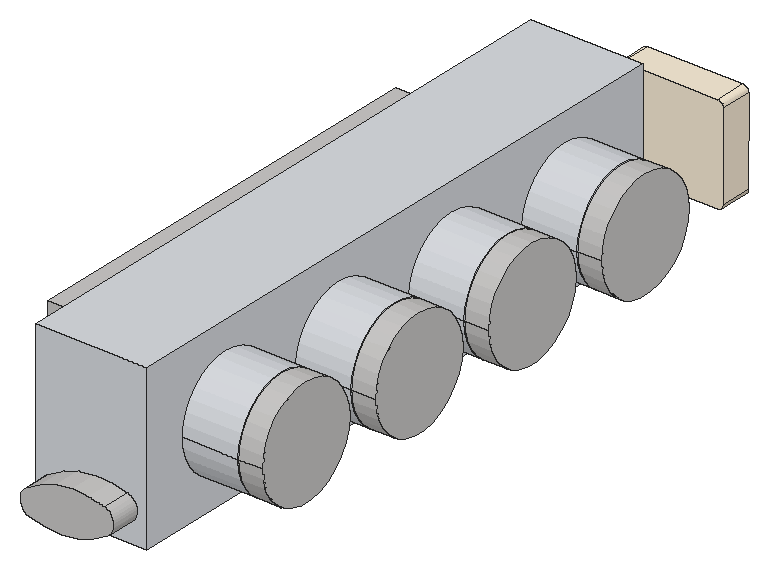
Revit family "HVAC_Ductwork_Airzone_Motorized-Plenum_Haier_Standard_4-Dampers", category Mechanical Equipment, Revit 2016
Family settings
  Part Type = Normal
  Round Connector Dimension = Use Diameter
  OmniClass Number = 23.75.70.14
  OmniClass Title = Air Ductwork
  Work Plane-Based = No
  Always vertical = Yes
  Cut with Voids When Loaded = No
  Shared = No
  Room Calculation Point = No
Parameters (values of type "HAIST01S4")
  Voltage = 230 V
  URL = "www.airzone.es"
  Type Image Comments = "Image available in product documentation download"  # constant formula
  Revit Model Version = "1.0"  # constant formula
  Revit Model Author URL = "www.a3d.es"
  Revit Model Author = "A3D Consulting"  # constant formula
  Product Documentation Download URL = "http://doc.airzone.es/BIM/Easyzone/Haier-Airzone_motorized_plenum.zip"
  Product Comments = "Refer to technical documentation for further details"  # constant formula
  Power Factor = 1
  Neck Width = 800.600 mm
  Neck Length = 95.000 mm
  Neck Height = 151.600 mm
  Material = Metal - AIRZONE - Galvanized Sheet - Semi-polished
  Main Control Board Material = Plastic - AIRZONE - Smooth - Off-white
  Load Classification = Other
  Insulated Body Width = 205.000 mm  # constant formula
  Insulated Body Material = Metal -AIRZONE - Insulating Lining -Aluminum Finish
  Insulated Body Length = 1140.000 mm  # constant formula
  Insulated Body Height = 300.000 mm  # constant formula
  Flow [instance] = Damper 4 Air Flow + Damper 3 Air Flow + Damper 2 Air Flow + Damper 1 Air Flow - Fresh Air Inlet 2 Flow - Fresh Air Inlet 1 Flow  # 1200 m³/h
  Fresh Air Inlet 1 Flow [instance] = 0 m³/h
  Fresh Air Inlet 2 Flow [instance] = 0 m³/h
  Fresh Air Inlet Connection Width = 175.000 mm
  Fresh Air Inlet Connection Height = 75.000 mm
  Model = "HAIST01S4"
  Neck Side Offset = 192.700 mm
  Neck Bottom Offset = 88.200 mm
  Type Image = <None>
  Manufacturer = "AIRZONE"  # constant formula
  Main Control Board Depth = 57.000 mm  # constant formula
  Main Control Board Width = 195.000 mm  # constant formula
  Main Control Board Height = 180.000 mm  # constant formula
  Fixing = ""
  Disclaimer = "All information provided in this model is reviewed before being published. However, Airzone cannot guarantee this model is error-free, therefore users are strongly encouraged to check for technical documentation and updates"  # constant formula
  Description = "Airzone standard motorized plenum with neck that mechanically adapts to the main ducted AC units of Haier."
  Type Comments = ""
  Dampers Length = 149.000 mm  # constant formula
  Dampers Diameter = 200.000 mm  # constant formula
  Damper 4 Air Flow [instance] = 300 m³/h
  Damper 1 Air Flow [instance] = 300 m³/h
  Damper 2 Air Flow [instance] = 300 m³/h
  Damper 3 Air Flow [instance] = 300 m³/h
  Fresh Air Inlet Connection Offset Height = 48.305 mm  # constant formula
  Compatible Accesories = ""
  Apparent Load = 57.5 VA
Types (2, lengths in mm): name | Neck Width | Neck Height | Model | Neck Side Offset | Neck Bottom Offset
  HAIST01M4 | 803.600 | 148.600 | "HAIST01M4" | 190.000 | 100.200
  HAIST01S4 | 800.600 | 151.600 | "HAIST01S4" | 192.700 | 88.200
Reference planes
  plane 1 "Center (Front/Back)": y = 0
  plane 2 "Center (Elevation)": z = 0
  plane 3 "Center (Left/Right)": x = 0
  plane 4 "Neck Back": y = 400.3
  plane 5 "Neck Front": y = -400.3
  plane 6 "Neck Top": z = 75.8
  plane 7 "Neck Bottom": z = -75.8
  plane 8 "Left": x = 95
  plane 9 "Bottom": z = -164
  plane 10 "Top": z = 136
  plane 11 "Front": y = -547
  plane 12 "Back": y = 593
  plane 13 "Right": x = 300
  plane 14 "Dampers Front": x = 449
  plane 15 "Dampers Center (Elevation)": z = -14
  plane 16 "Damper3": y = -107
  plane 17 "Damper2": y = 153
  plane 18 "Damper1": y = 413
  plane 19 "Middle": y = 23
  plane 20 "FreshAir Center (Elevation)": z = -115.695
  plane 21 "FreshAir1": y = 645.5
  plane 22 "FreshAir2": y = -599.5
  plane 23 "Dampers Lining": x = 404
  plane 24 "FreshAir Vertical Axis": x = 195.83
  plane 25 "ConnectionBox Side": x = 254
  plane 26 "Main Control Board Center (Left/Right)": x = 351.5
  plane 27 "Damper4": y = -367
Forms (mm)
  Extrusion 1, solid, material "Metal - AIRZONE - Galvanized Sheet - Semi-polished" <- "Material"
    sketch origin (0, 0, 0) x (0, 1, 0) y (0, 0, 1)
      loop
        line (-400.3, 75.8) -> (-400.3, -75.8) -> (400.3, -75.8) -> (400.3, 75.8) -> (-400.3, 75.8)
    from 0 to 95
  Extrusion 2, solid, material "Metal -AIRZONE - Insulating Lining -Aluminum Finish" <- "Insulated Body Material"
    sketch origin (95, 0, 0) x (0, 1, 0) y (0, 0, 1)
      loop
        line (-547, 136) -> (-547, -164) -> (593, -164) -> (593, 136) -> (-547, 136)
    from 0 to 205
  Extrusion 3, solid, material "Metal - AIRZONE - Galvanized Sheet - Semi-polished" <- "Material"
    sketch origin (300, 0, 0) x (0, 1, 0) y (0, 0, 1)
      loop
        circle (-107, -14) r 100
    from 104 to 149
  Extrusion 4, solid, material "Metal - AIRZONE - Galvanized Sheet - Semi-polished" <- "Material"
    sketch origin (300, 0, 0) x (0, 1, 0) y (0, 0, 1)
      loop
        circle (153, -14) r 100
    from 104 to 149
  Extrusion 5, solid, material "Metal - AIRZONE - Galvanized Sheet - Semi-polished" <- "Material"
    sketch origin (300, 0, 0) x (0, 1, 0) y (0, 0, 1)
      loop
        circle (413, -14) r 100
    from 104 to 149
  Extrusion 6, solid, material "Metal - AIRZONE - Galvanized Sheet - Semi-polished" <- "Material"
    sketch origin (0, -547, 0) x (0, 0, 1) y (1, 0, 0)
      loop
        arc (-83.141, 265.204) -> (-104.608, 282.105) -> (-129.312, 270.434) r 25.96
        arc (-129.312, 270.434) -> (-155.302, 200.598) -> (-147.849, 126.456) r 164.67
        arc (-147.849, 126.456) -> (-126.665, 109.589) -> (-101.994, 120.751) r 25.96
        arc (-101.994, 120.751) -> (-75.725, 190.78) -> (-83.141, 265.204) r 164.67
    from 0 to -52.5
  Extrusion 7, solid, material "Metal - AIRZONE - Galvanized Sheet - Semi-polished" <- "Material"
    sketch origin (0, 593, 0) x (0, 0, 1) y (1, 0, 0)
      loop
        arc (-83.141, 265.204) -> (-104.325, 282.071) -> (-128.996, 270.909) r 25.96
        arc (-128.996, 270.909) -> (-155.179, 201.53) -> (-148.267, 127.699) r 164.67
        arc (-148.267, 127.699) -> (-127.032, 109.637) -> (-101.678, 121.226) r 25.96
        arc (-101.678, 121.226) -> (-75.688, 191.062) -> (-83.141, 265.204) r 164.67
    from 0 to 52.5
  Extrusion 8, solid, material "Metal -AIRZONE - Insulating Lining -Aluminum Finish" <- "Insulated Body Material"
    sketch origin (300, 0, 0) x (0, 1, 0) y (0, 0, 1)
      loop
        circle (413, -14) r 100
    from 0 to 104
  Extrusion 9, solid, material "Metal -AIRZONE - Insulating Lining -Aluminum Finish" <- "Insulated Body Material"
    sketch origin (300, -260, 0) x (0, 1, 0) y (0, 0, 1)
      loop
        circle (413, -14) r 100
    from 0 to 104
  Extrusion 10, solid, material "Metal -AIRZONE - Insulating Lining -Aluminum Finish" <- "Insulated Body Material"
    sketch origin (300, -520, 0) x (0, 1, 0) y (0, 0, 1)
      loop
        circle (413, -14) r 100
    from 0 to 104
  Extrusion 11, solid, material "Metal - AIRZONE - Galvanized Sheet - Semi-polished" <- "Material"
    sketch origin (300, -190, 0) x (0, 1, 0) y (0, 0, 1)
      loop
        circle (-177, -14) r 100
    from 104 to 149
  Extrusion 12, solid, material "Metal -AIRZONE - Insulating Lining -Aluminum Finish" <- "Insulated Body Material"
    sketch origin (300, -710, 0) x (0, 1, 0) y (0, 0, 1)
      loop
        circle (343, -14) r 100
    from 0 to 104
Lines and regions (mm)
  Masking region 1
    outline origin (0, 0, 0) x (1, 0, 0) y (0, 1, 0)
      loop
        line (95, 593) -> (95, -547) -> (300, -547) -> (300, 593) -> (95, 593)
  Masking region 2, detail levels medium+fine
    outline origin (0, 0, 0) x (1, 0, 0) y (0, 1, 0)
      loop
        line (0, 400.3) -> (0, -400.3) -> (95, -400.3) -> (95, 400.3) -> (0, 400.3)
  Masking region 3, detail levels medium+fine
    outline origin (0, 0, 0) x (1, 0, 0) y (0, 1, 0)
      loop
        line (300, -7) -> (300, -207) -> (449, -207) -> (449, -7) -> (300, -7)
  Masking region 4, detail levels medium+fine
    outline origin (0, 260, 0) x (1, 0, 0) y (0, 1, 0)
      loop
        line (300, -7) -> (300, -207) -> (449, -207) -> (449, -7) -> (300, -7)
  Masking region 5, detail levels medium+fine
    outline origin (0, 520, 0) x (1, 0, 0) y (0, 1, 0)
      loop
        line (300, -7) -> (300, -207) -> (449, -207) -> (449, -7) -> (300, -7)
  Masking region 6, detail levels medium+fine
    outline origin (0, 0, -115.695) x (1, 0, 0) y (0, 1, 0)
      loop
        line (108.33, 645.5) -> (108.33, 593) -> (283.33, 593) -> (283.33, 645.5) -> (108.33, 645.5)
  Masking region 7, detail levels medium+fine
    outline origin (0, 0, -115.695) x (1, 0, 0) y (0, 1, 0)
      loop
        line (108.33, -547) -> (108.33, -599.5) -> (283.33, -599.5) -> (283.33, -547) -> (108.33, -547)
  Masking region 8, detail levels medium+fine
    outline origin (0, 0, 136) x (0, -1, 0) y (1, 0, 0)
      loop
        line (-650, 254) -> (-593, 254) -> (-593, 449) -> (-650, 449) -> (-650, 254)
  Masking region 9, detail levels medium+fine
    outline origin (0, -190, 0) x (1, 0, 0) y (0, 1, 0)
      loop
        line (300, -77) -> (300, -277) -> (449, -277) -> (449, -77) -> (300, -77)
  symbolic lines, detail levels coarse
    curve 1: line (95, -547, 0) -> (300, 23, 0)
    curve 2: line (300, 23, 0) -> (95, 593, 0)
Dimensions and locks
  equal spacing: plane 4 "Neck Back", plane 1 "Center (Front/Back)", plane 5 "Neck Front"
  "Neck Width": plane 4 "Neck Back" to plane 5 "Neck Front"
  equal spacing: plane 6 "Neck Top", level, plane 7 "Neck Bottom"
  "Neck Height": plane 6 "Neck Top" to plane 7 "Neck Bottom"
  "Neck Length": plane 3 "Center (Left/Right)" to plane 8 "Left"
  "Neck Bottom Offset": plane 7 "Neck Bottom" to plane 9 "Bottom"
  "Insulated Body Height": plane 10 "Top" to plane 9 "Bottom"
  "Insulated Body Length": plane 12 "Back" to plane 11 "Front"
  "Insulated Body Width": plane 8 "Left" to plane 13 "Right"
  "Dampers Length": plane 13 "Right" to plane 14 "Dampers Front"
  equal spacing: plane 10 "Top", plane 15 "Dampers Center (Elevation)", plane 9 "Bottom"
  equal spacing: plane 12 "Back", plane 19 "Middle", plane 11 "Front"
  plane 8 "Left" to plane 13 "Right" = 205.000 mm
  "Fresh Air Inlet Connection Offset Height": plane 20 "FreshAir Center (Elevation)" to plane 9 "Bottom"
  locked: Extrusion 6 sketch curve to plane 9 "Bottom" at 56.47
  locked: plane 13 "Right" to Extrusion 6 sketch curve at 43.69
  locked: plane 13 "Right" to Extrusion 6 sketch curve at 164.65
  locked: Extrusion 6 sketch curve to plane 9 "Bottom" at 40.54
  locked: plane 13 "Right" to Extrusion 6 sketch curve at 87.91
  locked: plane 9 "Bottom" to Extrusion 6 sketch curve at 75.01
  locked: plane 13 "Right" to Extrusion 6 sketch curve at 120.43
  locked: Extrusion 6 sketch curve to plane 9 "Bottom" at 172.02
  locked: plane 13 "Right" to Extrusion 7 sketch curve at 43.69
  locked: Extrusion 7 sketch curve to plane 9 "Bottom" at 56.47
  locked: Extrusion 7 sketch curve to plane 9 "Bottom" at 40.54
  locked: plane 13 "Right" to Extrusion 7 sketch curve at 164.65
  locked: plane 13 "Right" to Extrusion 7 sketch curve at 120.43
  locked: Extrusion 7 sketch curve to plane 9 "Bottom" at 172.02
  locked: plane 9 "Bottom" to Extrusion 7 sketch curve at 75.01
  locked: plane 13 "Right" to Extrusion 7 sketch curve at 87.91
  "Neck Side Offset": plane 12 "Back" to plane 4 "Neck Back"
  locked: plane 21 "FreshAir1" to plane 12 "Back" at 52.5
  plane 11 "Front" to plane 22 "FreshAir2" = 52.500 mm
  locked: connector elem to plane 13 "Right" at 104.17
  locked: plane 20 "FreshAir Center (Elevation)" to connector elem
  locked: plane 13 "Right" to connector elem at 104.17
  locked: connector elem to plane 20 "FreshAir Center (Elevation)"
  locked: plane 23 "Dampers Lining" to plane 14 "Dampers Front" at 45
  locked: plane 24 "FreshAir Vertical Axis" to plane 13 "Right" at 104.17
  equal spacing: Masking region 3 sketch curve, plane 16 "Damper3", Masking region 3 sketch curve
  "Dampers Diameter": Masking region 3 sketch curve to Masking region 3 sketch curve
  "Dampers Diameter": Masking region 4 sketch curve to Masking region 4 sketch curve
  equal spacing: Masking region 5 sketch curve, plane 18 "Damper1", Masking region 5 sketch curve
  "Dampers Diameter": Masking region 5 sketch curve to Masking region 5 sketch curve
  equal spacing: Masking region 6 sketch curve, plane 24 "FreshAir Vertical Axis", Masking region 6 sketch curve
  "Fresh Air Inlet Connection Width": Masking region 6 sketch curve to Masking region 6 sketch curve
  equal spacing: Masking region 7 sketch curve, plane 24 "FreshAir Vertical Axis", Masking region 7 sketch curve
  "Fresh Air Inlet Connection Width": Masking region 7 sketch curve to Masking region 7 sketch curve
  "Main Control Board Depth": Masking region 8 sketch curve to plane 12 "Back"
  "Main Control Board Width": plane 25 "ConnectionBox Side" to plane 14 "Dampers Front"
  equal spacing: plane 25 "ConnectionBox Side", plane 26 "Main Control Board Center (Left/Right)", plane 14 "Dampers Front"
  locked: nested 1 to plane 10 "Top" at 10
  equal spacing: Masking region 4 sketch curve, plane 17 "Damper2", Masking region 4 sketch curve
  equal spacing: Masking region 9 sketch curve, plane 27 "Damper4", Masking region 9 sketch curve
  "Dampers Diameter": Masking region 9 sketch curve to Masking region 9 sketch curve
  plane 18 "Damper1" to plane 17 "Damper2" to plane 16 "Damper3" to plane 27 "Damper4" = 260.000 mm locked, 260.000 mm locked, 260.000 mm locked
  locked: plane 17 "Damper2" to plane 19 "Middle" at 130
  "Dampers Diameter": diameter of Extrusion 3 sketch curve
  "Dampers Diameter": diameter of Extrusion 4 sketch curve
  "Dampers Diameter": diameter of Extrusion 5 sketch curve
  radius of Extrusion 7 sketch curve = 164.670 mm  (x2)
  radius of Extrusion 7 sketch curve = 25.960 mm  (x2)
  radius of Extrusion 6 sketch curve = 164.670 mm  (x2)
  radius of Extrusion 6 sketch curve = 25.960 mm  (x2)
  "Dampers Diameter": diameter of Extrusion 8 sketch curve
  "Dampers Diameter": diameter of Extrusion 9 sketch curve
  "Dampers Diameter": diameter of Extrusion 10 sketch curve
  "Dampers Diameter": diameter of Extrusion 11 sketch curve
  "Dampers Diameter": diameter of Extrusion 12 sketch curve
  aligned and locked: level to plane 2 "Center (Elevation)"
  aligned and locked: plane 5 "Neck Front" to Extrusion 1 sketch curve
  aligned and locked: Extrusion 1 sketch curve to plane 6 "Neck Top"
  aligned and locked: Extrusion 1 sketch curve to plane 4 "Neck Back"
  aligned and locked: plane 7 "Neck Bottom" to Extrusion 1 sketch curve
  aligned and locked: Extrusion 1 to plane 3 "Center (Left/Right)"
  aligned and locked: Extrusion 2 sketch curve to plane 10 "Top"
  aligned and locked: Extrusion 2 sketch curve to plane 12 "Back"
  aligned and locked: plane 9 "Bottom" to Extrusion 2 sketch curve
  aligned and locked: plane 11 "Front" to Extrusion 2 sketch curve
  aligned and locked: plane 13 "Right" to Extrusion 2
  aligned and locked: Extrusion 2 to plane 8 "Left"
  aligned and locked: plane 16 "Damper3" to Extrusion 3 sketch curve
  aligned and locked: plane 15 "Dampers Center (Elevation)" to Extrusion 3 sketch curve
  aligned and locked: plane 15 "Dampers Center (Elevation)" to Extrusion 4 sketch curve
  aligned and locked: plane 18 "Damper1" to Extrusion 5 sketch curve
  aligned and locked: plane 15 "Dampers Center (Elevation)" to Extrusion 5 sketch curve
  aligned and locked: plane 14 "Dampers Front" to Extrusion 5
  aligned and locked: plane 14 "Dampers Front" to Extrusion 4
  aligned and locked: plane 14 "Dampers Front" to Extrusion 3
  aligned and locked: plane 8 "Left" to Extrusion 1
  aligned and locked: plane 22 "FreshAir2" to Extrusion 6
  aligned and locked: plane 21 "FreshAir1" to Extrusion 7
  aligned and locked: Extrusion 7 to plane 12 "Back"
  aligned and locked: plane 11 "Front" to Extrusion 6
  aligned and locked: Extrusion 5 to plane 23 "Dampers Lining"
  aligned and locked: Extrusion 5 to Extrusion 4
  aligned and locked: Extrusion 4 to Extrusion 3
  aligned and locked: plane 23 "Dampers Lining" to Extrusion 8
  aligned and locked: Extrusion 10 to plane 13 "Right"
  aligned and locked: plane 23 "Dampers Lining" to Extrusion 10
  aligned and locked: Extrusion 9 to plane 13 "Right"
  aligned and locked: plane 23 "Dampers Lining" to Extrusion 9
  aligned and locked: Extrusion 8 to plane 13 "Right"
  aligned and locked: Extrusion 9 to Extrusion 8
  aligned and locked: plane 18 "Damper1" to Extrusion 8 sketch curve
  aligned and locked: plane 15 "Dampers Center (Elevation)" to Extrusion 8 sketch curve
  aligned and locked: plane 15 "Dampers Center (Elevation)" to Extrusion 9 sketch curve
  aligned and locked: plane 16 "Damper3" to Extrusion 10 sketch curve
  aligned and locked: plane 15 "Dampers Center (Elevation)" to Extrusion 10 sketch curve
  aligned and locked: Masking region 1 sketch curve to plane 12 "Back"
  aligned and locked: plane 8 "Left" to Masking region 1 sketch curve
  aligned and locked: Masking region 1 sketch curve to plane 13 "Right"
  aligned and locked: plane 11 "Front" to Masking region 1 sketch curve
  aligned and locked: plane 5 "Neck Front" to Masking region 2 sketch curve
  aligned and locked: plane 3 "Center (Left/Right)" to Masking region 2 sketch curve
  aligned and locked: Masking region 2 sketch curve to plane 4 "Neck Back"
  aligned and locked: Masking region 2 sketch curve to plane 8 "Left"
  aligned and locked: plane 13 "Right" to Masking region 3 sketch curve
  aligned and locked: Masking region 3 sketch curve to plane 14 "Dampers Front"
  aligned and locked: plane 13 "Right" to Masking region 4 sketch curve
  aligned and locked: Masking region 4 sketch curve to plane 14 "Dampers Front"
  aligned and locked: plane 13 "Right" to Masking region 5 sketch curve
  aligned and locked: Masking region 5 sketch curve to plane 14 "Dampers Front"
  aligned and locked: plane 12 "Back" to Masking region 6 sketch curve
  aligned and locked: Masking region 6 sketch curve to plane 21 "FreshAir1"
  aligned and locked: Masking region 7 sketch curve to plane 11 "Front"
  aligned and locked: Masking region 7 sketch curve to plane 22 "FreshAir2"
  aligned and locked: plane 12 "Back" to Masking region 8 sketch curve
  aligned and locked: Masking region 8 sketch curve to plane 14 "Dampers Front"
  aligned and locked: plane 25 "ConnectionBox Side" to Masking region 8 sketch curve
  aligned and locked: plane 17 "Damper2" to Extrusion 9 sketch curve
  aligned and locked: plane 17 "Damper2" to Extrusion 4 sketch curve
  aligned and locked: Masking region 9 sketch curve to plane 14 "Dampers Front"
  aligned and locked: plane 13 "Right" to Masking region 9 sketch curve
  aligned and locked: Extrusion 12 to plane 13 "Right"
  aligned and locked: plane 23 "Dampers Lining" to Extrusion 12
  aligned and locked: Extrusion 11 to plane 23 "Dampers Lining"
  aligned and locked: plane 14 "Dampers Front" to Extrusion 11
  aligned and locked: plane 15 "Dampers Center (Elevation)" to Extrusion 12 sketch curve
  aligned and locked: plane 27 "Damper4" to Extrusion 12 sketch curve
  aligned and locked: plane 15 "Dampers Center (Elevation)" to Extrusion 11 sketch curve
  aligned and locked: plane 27 "Damper4" to Extrusion 11 sketch curve
  aligned and locked: nested 1 to plane 26 "Main Control Board Center (Left/Right)"
Automatic sketch dimensions
  curve 2 to plane 8 "Left" = 0.000 mm
  curve 1 to plane 8 "Left" = 0.000 mm
  curve 2 to plane 13 "Right" = 0.000 mm
  curve 1 to plane 11 "Front" = 0.000 mm
  curve 2 to plane 19 "Middle" = 0.000 mm
  curve 2 to plane 12 "Back" = 0.000 mm
Nested families
  nested 1: "Airzone_Main-Control-Board" at (351.5, 593, 36) x (-1, 0, 0) z (0, 1, 0), Extrusion <- "Main Control Board Depth", Height <- "Main Control Board Height", Width <- "Main Control Board Width", Material <- "Main Control Board Material", type "Standard"
    with Width 195.000 mm, Material Plastic - AIRZONE - Smooth - Off-white, Height 180.000 mm, Extrusion 57.000 mm
Connectors
  hvac at (449, -107, -14), driven by "Damper 3 Air Flow", driven by "Dampers Diameter"
    settings: on Extrusion 3, index 1, duct flow 300 m³/h, flow factor 0, pres drop 0.0 Pa, loss coef 0, conn angle 0.00°, conn width 304.8 mm, conn height 304.8 mm, conn diameter 200 mm, duct sys type 1, conn prof type 0, flow config 0, flow direction 2, loss method 0, conn ref index -1, conn util no, is conn primary no, conn desc "Supply Air Out 3"
  hvac at (449, 153, -14), driven by "Damper 2 Air Flow", driven by "Dampers Diameter"
    settings: on Extrusion 4, index 2, duct flow 300 m³/h, flow factor 0, pres drop 0.0 Pa, loss coef 0, conn angle 0.00°, conn width 304.8 mm, conn height 304.8 mm, conn diameter 200 mm, duct sys type 1, conn prof type 0, flow config 0, flow direction 2, loss method 0, conn ref index -1, conn util no, is conn primary no, conn desc "Supply Air Out 2"
  hvac at (449, 413, -14), driven by "Damper 1 Air Flow", driven by "Dampers Diameter"
    settings: on Extrusion 5, index 3, duct flow 300 m³/h, flow factor 0, pres drop 0.0 Pa, loss coef 0, conn angle 0.00°, conn width 304.8 mm, conn height 304.8 mm, conn diameter 200 mm, duct sys type 1, conn prof type 0, flow config 0, flow direction 2, loss method 0, conn ref index -1, conn util no, is conn primary no, conn desc "Supply Air Out 1"
  hvac at (0, 0, 0), driven by "Flow", driven by "Neck Height", driven by "Neck Width"
    settings: on Extrusion 1, index 6, duct flow 1200 m³/h, flow factor 0, pres drop 0.0 Pa, loss coef 0, conn angle 0.00°, conn width 800.6 mm, conn height 151.6 mm, conn diameter 609.6 mm, duct sys type 1, conn prof type 1, flow config 1, flow direction 1, loss method 0, conn ref index -1, conn util no, is conn primary yes, conn desc "Supply Air In"
  hvac at (195.83, -599.5, -115.695), driven by "Fresh Air Inlet 2 Flow", driven by "Fresh Air Inlet Connection Width", driven by "Fresh Air Inlet Connection Height"
    settings: index 7, duct flow 0 m³/h, flow factor 0, pres drop 0.0 Pa, loss coef 0, conn angle 0.00°, conn width 175 mm, conn height 75 mm, conn diameter 609.6 mm, duct sys type 1, conn prof type 2, flow config 1, flow direction 1, loss method 0, conn ref index -1, conn util no, is conn primary no, conn desc "Fresh Air In 2"
  hvac at (195.83, 645.5, -115.695), driven by "Fresh Air Inlet 1 Flow", driven by "Fresh Air Inlet Connection Height", driven by "Fresh Air Inlet Connection Width"
    settings: index 8, duct flow 0 m³/h, flow factor 0, pres drop 0.0 Pa, loss coef 0, conn angle 0.00°, conn width 175 mm, conn height 75 mm, conn diameter 609.6 mm, duct sys type 1, conn prof type 2, flow config 1, flow direction 1, loss method 0, conn ref index -1, conn util no, is conn primary no, conn desc "Fresh Air In 1"
  hvac at (449, -367, -14), driven by "Damper 4 Air Flow", driven by "Dampers Diameter"
    settings: on Extrusion 11, index 9, duct flow 300 m³/h, flow factor 0, pres drop 0.0 Pa, loss coef 0, conn angle 0.00°, conn width 304.8 mm, conn height 304.8 mm, conn diameter 200 mm, duct sys type 1, conn prof type 0, flow config 0, flow direction 2, loss method 0, conn ref index -1, conn util no, is conn primary no, conn desc "Supply Air Out 4"
  electrical at (351.5, 650, 36), driven by "Load Classification", driven by "Voltage", driven by "Apparent Load", driven by "Power Factor"
    settings: on nested 1, index 10, voltage 230 V, apparent load 57.5 VA, apparent load phase1 0 VA, apparent load phase2 0 VA, apparent load phase3 0 VA, power factor 1, load classification "Other", number of poles 1, system type 30, power factor state 1, is connector primary yes, connector utility no, sub classification motor no, connector description "Power Supply"
Definition of nested family "Airzone_Main-Control-Board"
  Parameters (values of type "Standard")
    Width [instance] = 195.000 mm
    URL = "www.airzone.es"
    Revit Model Version = "1.0"  # constant formula
    Revit Model Author URL = "www.a3d.es"
    Revit Model Author = "A3D Consulting"  # constant formula
    Material [instance] = none
    Manufacturer = "AIRZONE"  # constant formula
    Height [instance] = 180.000 mm
    Extrusion [instance] = 57.000 mm
    Default Elevation = 0.000 mm
  Reference planes
    plane 1 "Center (Front/Back)": y = 0
    plane 2: z = 0
    plane 3 "Center (Left/Right)": x = 0
    plane 4: y = 90
    plane 5: y = -90
    plane 6: x = 97.5
    plane 7: x = -97.5
  Forms (mm)
    Extrusion 1, solid, material <- "Material"
      sketch origin (0, 0, 0) x (1, 0, 0) y (0, 1, 0)
        loop
          arc (-87.5, 90) -> (-94.571, 87.071) -> (-97.5, 80) r 10
          line (-97.5, 80) -> (-97.5, -80)
          arc (-97.5, -80) -> (-94.571, -87.071) -> (-87.5, -90) r 10
          line (-87.5, -90) -> (87.5, -90)
          arc (87.5, -90) -> (94.571, -87.071) -> (97.5, -80) r 10
          line (97.5, -80) -> (97.5, 80)
          arc (97.5, 80) -> (94.571, 87.071) -> (87.5, 90) r 10
          line (87.5, 90) -> (-87.5, 90)
      from 0 to 57 <- "Extrusion"
  Dimensions and locks
    equal spacing: plane 7, plane 3 "Center (Left/Right)", plane 6
    equal spacing: plane 4, plane 1 "Center (Front/Back)", plane 5
    "Width": plane 7 to plane 6
    "Height": plane 4 to plane 5
    radius of Extrusion 1 sketch curve = 10.000 mm  (x4)
    aligned and locked: level to plane 2
    aligned and locked: plane 5 to Extrusion 1 sketch curve
    aligned and locked: Extrusion 1 sketch curve to plane 6
    aligned and locked: Extrusion 1 sketch curve to plane 4
    aligned and locked: plane 7 to Extrusion 1 sketch curve
